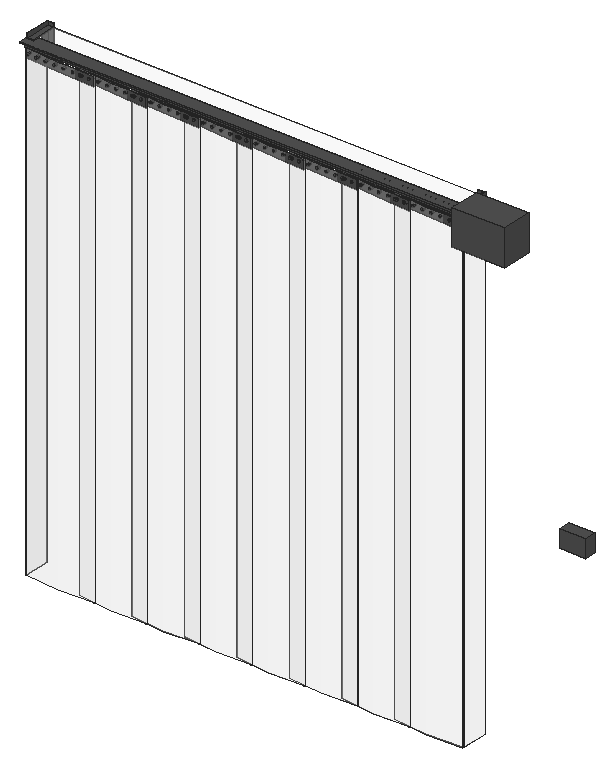
Revit family "Door_ClearStrip_SuperSeal_9000E", category Doors, host Wall, Revit 2011
Parameters (values of type "ByType")
  Wind Load = ""
  Water Penetration = ""
  Wall Offset [instance] = 0' - 6"
  Strip Height = Rough Height  # 9' - 0"
  Sound Transmission Class (STC) = 0
  RO Offset = 0' - 0"
  Panel Material = Fabric - Vinyl - Super Seal - Transparent
  Panel Height = 6' - 0"
  Manufacturer Phone = "800-337-3239 "
  Function = Interior
  Frame Thickness = 0' - 5"
  Frame Finish = Metal - Steel - Super Seal - Painted - Black
  Door Width = Rough Width + 0' 4"  # 8' - 4"
  Control Box Offset [instance] = 2' - 0"
  Control Box Height [instance] = 4' - 0"
  Building Code Conformance = ""
  Air Infiltration = ""
  ASTM Conformance = ""
  Panel Width = 2' - 0"
  Warranty Duration (Years) = 0
  URL = "http://www.supersealmfg.com/"
  Thickness = 0' - 0 1/4"
  Test Data = ""
  Specification = ""
  SpecWizard = ""
  Send Message = "http://www.arcat.com/users.pl?action=UserEmail&company=Super-Seal%20Mfg.%20Ltd&coid=44693&rep=119&fax=905-850-4440 &mf="
  Sales Information = "http://www.supersealmfg.com/ContactUs.htm"
  Rough Width = (Width + (RO Offset * 2))  # 8' - 0"
  Rough Height = (Height + (RO Offset))  # 9' - 0"
  R_Value = 0
  Product Properties = ""
  Product Data = "http://arcat.com/arcatcos/cos44/arc44693.html?isac=1&r=1"
  Manufacturer Website = "http://www.supersealmfg.com/"
  Manufacturer Phone - Toll Free = "800-337-3239 "
  Manufacturer Fax = "905-850-4440 "
  Manufacturer Address = "670 Rowntree Dairy Rd. Woodbridge , ON, Canada L4L-5T8"
  Maintenance Schedule (Months) = 0
  Installation-Fabrication = ""
  Installation Phase = ""
  Green Building-LEED = ""
  Model = "As Specified"
  Manufacturer = "Super-Seal Mfg. Ltd"
  Keynote = "08300"
  Height = 9' - 0"
  Wall Closure = By host
  Width = 8' - 0"
  Fire Rating = "As Specified"
  Expected Lifespan (Years) = 0
  Drawn By = "Sumex Design, Inc. / Robert S. Weygant, CSI, CDT, SCIP"
  Description = "Super Seal "
  Copyright = "©Arcat Inc."
  Construction Details = "http://arcat.com/details/supersea/supersea.html?coid=44693"
  Building Codes = ""
  Assembly Code = ""
  ADA Compliant = yes
  AAMA Designation = ""
Reference planes (in)
  plane 1 "Center (Front/Back)": y = -33.62839
  plane 2 "Center (Left/Right)": x = 64.28704
  plane 3: z = 0
  plane 4 "Right": x = 112.28704
  plane 5 "Left": x = 16.28704
  plane 6 "Closure": y = -36.62839
  plane 7: z = 0
  plane 8 "Top of Frame": z = 108
  plane 9 "RO Top": z = 108
  plane 10 "RO Right": x = 112.28704
  plane 11 "RO Left": x = 16.28704
  plane 12: x = 136.28704
  plane 13: z = 48
  plane 14: x = 14.28704
  plane 15: x = 114.28704
  plane 16: y = -42.62839
  plane 17: x = 126.28704
Forms (in)
  Extrusion 1, solid, material "Metal - Steel - Super Seal - Painted - Black" <- "Frame Finish"
    sketch origin (14.28704, -12, 122.82489) x (0, 0, 1) y (0, -1, 0)
      loop
        line (-12.82489, 31.00339) -> (-12.82489, 30.75339) -> (-14.32489, 30.75339) -> (-14.32489, 30.62839) -> (-12.94989, 30.62839) -> (-12.94989, 29.25339) -> (-12.68908, 29.25339) -> (-12.68908, 32.50339) -> (-12.94989, 32.50339) -> (-12.94989, 31.12839) -> (-14.32489, 31.12839) -> (-14.32489, 31.00339) -> (-12.82489, 31.00339)
    from 0 to 100
  Extrusion 2, solid, material "Metal - Steel - Super Seal - Painted - Black" <- "Frame Finish"
    sketch origin (-79.33485, -36.62839, 0) x (1, 0, 0) y (0, 0, 1)
      loop
        line (93.74689, 110.13581) -> (95.24689, 110.13581) -> (95.24689, 110.26081) -> (93.87189, 110.26081) -> (93.87189, 111.13581) -> (93.74689, 111.13581) -> (93.74689, 110.13581)
      loop
        line (193.49689, 110.13581) -> (193.49689, 111.13581) -> (193.37189, 111.13581) -> (193.37189, 110.26081) -> (191.99689, 110.26081) -> (191.99689, 110.13581) -> (193.49689, 110.13581)
    from 0.125 to 6
  Extrusion 3, solid, material "Metal - Steel - Super Seal - Painted - Black" <- "Frame Finish"
    sketch origin (128.27323, 12, 108) x (1, 0, 0) y (0, 1, 0)
      loop
        line (-113.98619, -48.62839) -> (-113.98619, -50.12839) -> (-113.86119, -50.12839) -> (-113.86119, -48.75339) -> (-112.48619, -48.75339) -> (-112.48619, -48.62839) -> (-113.98619, -48.62839)
      loop
        line (-13.98619, -48.62839) -> (-15.48619, -48.62839) -> (-15.48619, -48.75339) -> (-14.11119, -48.75339) -> (-14.11119, -50.12839) -> (-13.98619, -50.12839) -> (-13.98619, -48.62839)
    from -3 to 3
  Extrusion 4, solid, material "Metal - Steel - Super Seal - Painted - Black" <- "Frame Finish"
    sketch origin (3.09391, -42.62839, 48) x (-1, 0, 0) y (0, 0, 1)
      loop
        line (-111.19312, 64) -> (-123.19312, 64) -> (-123.19312, 56) -> (-111.19312, 56) -> (-111.19312, 64)
    from -3.5 to 3.5
  Extrusion 5, solid, material "Metal - Steel - Super Seal - Painted - Black" <- "Frame Finish"
    sketch origin (-79.33485, -36.62839, 0) x (1, 0, 0) y (0, 0, 1)
      loop
        line (212.62189, 50) -> (212.62189, 46) -> (218.62189, 46) -> (218.62189, 50) -> (212.62189, 50)
    from 0 to 2.625
  Extrusion 6, solid, material "Fabric - Vinyl - Super Seal - Transparent" <- "Panel Material"
    sketch origin (14.28704, -12, 122.82489) x (0, 0, 1) y (0, -1, 0)
      loop
        line (-12.81949, 29.25339) -> (-12.81949, 24.62839) -> (-12.68908, 24.62839) -> (-12.68908, 29.25339) -> (-12.81949, 29.25339)
    from 0 to 100
  Extrusion 7, solid, material "Fabric - Vinyl - Super Seal - Transparent" <- "Panel Material"
    sketch origin (0, 0, 0) x (1, 0, 0) y (0, 1, 0)
      loop
        line (14.28704, -36.62839) -> (14.16204, -36.62839) -> (14.16204, -42.62839) -> (14.28704, -42.62839) -> (14.28704, -36.62839)
      loop
        line (114.28704, -36.62839) -> (114.28704, -42.62839) -> (114.41204, -42.62839) -> (114.41204, -36.62839) -> (114.28704, -36.62839)
    from 0 to 108
Lines and regions (in)
  Opening 1
    outline origin (-109.33485, -36.62839, 0) x (1, 0, 0) y (0, 0, 1)
      loop
        line (125.62189, 0) -> (221.62189, 0) -> (221.62189, 108) -> (125.62189, 108) -> (125.62189, 0)
Text (in)
  text "Exterior" at (36.47868, -4.19089, 0), in view "A101 - Plan View"
  text "Interior" at (36.47868, -56.64559, 0), in view "A101 - Plan View"
  text "Exterior" at (0, -17.98638, 123.01588), in view "Right"
  text "Interior" at (0, -64.39139, 123.01588), in view "Right"
  text "Interior" at (0, -52.09468, 121.14095), in view "Left"
  text "Exterior" at (0, 26.35325, 123.00693), in view "Left"
Dimensions and locks (in)
  equal spacing: plane 4 "Right", plane 2 "Center (Left/Right)", plane 5 "Left"
  "Width": plane 5 "Left" to plane 4 "Right"
  "Height": level to plane 8 "Top of Frame"
  "RO Offset": plane 5 "Left" to plane 11 "RO Left"
  "RO Offset": plane 10 "RO Right" to plane 4 "Right"
  "RO Offset": plane 9 "RO Top" to plane 8 "Top of Frame"
  "Control Box Height": plane 13 to level
  "Control Box Offset": plane 4 "Right" to plane 12
  "Wall Offset": host wall to plane 16
  locked: plane 15 to plane 10 "RO Right" at 2
  locked: plane 11 "RO Left" to plane 14 at 2
  plane 17 to plane 15 = 1' - 0"
  aligned and locked: host wall to plane 1 "Center (Front/Back)"
  aligned and locked: host wall to plane 6 "Closure"
  aligned and locked: Opening 1 sketch curve to level
  aligned and locked: plane 10 "RO Right" to Opening 1 sketch curve
  aligned and locked: Opening 1 sketch curve to plane 9 "RO Top"
  aligned and locked: plane 11 "RO Left" to Opening 1 sketch curve
  aligned and locked: plane 2 "Center (Left/Right)" to nested 1
  aligned and locked: plane 15 to Extrusion 1
  aligned and locked: plane 16 to nested 1
  aligned and locked: Extrusion 2 to plane 16
  aligned and locked: plane 9 "RO Top" to Extrusion 7
Automatic sketch dimensions
  Extrusion 1 sketch curve to plane 16 = 0' - 0"
  Extrusion 1 sketch curve to plane 16 = 0' - 0 1/8"
  plane 8 "Top of Frame" to Extrusion 1 sketch curve = 0' - 0 1/2"
  Extrusion 1 sketch curve to Extrusion 1 sketch curve = 0' - 0"  (x2)
  plane 8 "Top of Frame" to Extrusion 1 sketch curve = 0' - 1 7/8"
  Extrusion 1 sketch curve to Extrusion 1 sketch curve = 0' - 0 1/8"  (x2)
  plane 16 to Extrusion 1 sketch curve = 0' - 1 3/8"
  Extrusion 1 sketch curve to Extrusion 1 sketch curve = 0' - 0 1/4"
  Extrusion 1 sketch curve to Extrusion 1 sketch curve = 0' - 1 3/8"
  plane 8 "Top of Frame" to Extrusion 2 sketch curve = 0' - 2.13581"  (x2)
  plane 14 to Extrusion 2 sketch curve = 0' - 0 1/8"
  Extrusion 2 sketch curve to Extrusion 2 sketch curve = 0' - 0 1/8"
  plane 5 "Left" to Extrusion 2 sketch curve = 0' - 0 3/8"
  Extrusion 2 sketch curve to plane 4 "Right" = 0' - 0 3/8"
  plane 8 "Top of Frame" to Extrusion 2 sketch curve = 0' - 2.26081"  (x2)
  Extrusion 2 sketch curve to plane 15 = 0' - 0 1/4"
  Extrusion 2 sketch curve to plane 15 = 0' - 0 1/8"
  Extrusion 2 sketch curve to Extrusion 2 sketch curve = 0' - 0 7/8"  (x2)
  Extrusion 3 sketch curve to host wall = 0' - 0"  (x2)
  Extrusion 3 sketch curve to plane 14 = 0' - 0"
  Extrusion 3 sketch curve to plane 15 = 0' - 0"
  plane 14 to Extrusion 3 sketch curve = 0' - 0 1/8"
  plane 5 "Left" to Extrusion 3 sketch curve = 0' - 0 1/2"
  Extrusion 3 sketch curve to plane 4 "Right" = 0' - 0 1/2"
  Extrusion 3 sketch curve to plane 15 = 0' - 0 1/8"
  host wall to Extrusion 3 sketch curve = 0' - 0 1/8"  (x2)
  Extrusion 3 sketch curve to Extrusion 3 sketch curve = 0' - 1 3/8"  (x2)
  plane 12 to Extrusion 5 sketch curve = 0' - 3"
  Extrusion 5 sketch curve to plane 13 = 0' - 2"
  Extrusion 5 sketch curve to Extrusion 5 sketch curve = 0' - 6"
  Extrusion 5 sketch curve to Extrusion 5 sketch curve = 0' - 4"
  Extrusion 1 sketch curve to Extrusion 1 sketch curve = 0' - 0.26081"
  Extrusion 6 sketch curve to host wall = 0' - 0"
  plane 8 "Top of Frame" to Extrusion 6 sketch curve = 0' - 2.00541"
  Extrusion 6 sketch curve to Extrusion 6 sketch curve = 0' - 0.13041"
  plane 16 to Extrusion 6 sketch curve = 0' - 1 3/8"
  Extrusion 4 sketch curve to plane 17 = 0' - 0"
  Extrusion 4 sketch curve to plane 15 = 0' - 0"
  Extrusion 4 sketch curve to plane 8 "Top of Frame" = 0' - 4"
  plane 8 "Top of Frame" to Extrusion 4 sketch curve = 0' - 4"
  Extrusion 7 sketch curve to host wall = 0' - 0"  (x2)
  Extrusion 7 sketch curve to plane 16 = 0' - 0"  (x2)
  Extrusion 7 sketch curve to plane 14 = 0' - 0"
  Extrusion 7 sketch curve to plane 15 = 0' - 0"
  Extrusion 7 sketch curve to plane 14 = 0' - 0 1/8"
  plane 15 to Extrusion 7 sketch curve = 0' - 0 1/8"
Nested families (in)
  nested 1: "Door_ClearStrip_16in" at (64.28704, -42.87839, 0), Material <- "Panel Material", Unit Width <- "Door Width", Unit Height <- "Strip Height", type "Door_ClearStrip_16in"
    with offset 0' - 0", Unit Width 8' - 4", Unit Height 9' - 0", Strips 8, Material Fabric - Vinyl - Super Seal - Transparent
Definition of nested family "Door_ClearStrip_16in"
  Parameters
    offset [instance] = 0' - 0"
    Warranty Duration (Years) = 0
    Unit Width [instance] = 3' - 1 1/2"
    Unit Height [instance] = 6' - 0"
    Unit Depth = 0' - 0 1/2"
    URL = "http://www.supersealmfg.com/"
    Strips [instance] = Unit Width / 1' 0"  # 3
    Specification = ""
    SpecWizard = ""
    Send Message = "http://www.arcat.com/users.pl?action=UserEmail&company=Super-Seal%20Mfg.%20Ltd&coid=44693&rep=119&fax=905-850-4440 &mf="
    Sales Information = "http://www.supersealmfg.com/ContactUs.htm"
    Revision = "R1_07-2011"
    Product Properties = ""
    Product Data = "http://arcat.com/arcatcos/cos44/arc44693.html?isac=1&r=1"
    Model = "As Specified"
    Material [instance] = none
    Manufacturer Website = "http://www.supersealmfg.com/"
    Manufacturer Phone - Toll Free = "800-337-3239 "
    Manufacturer Phone = "800-337-3239 "
    Manufacturer Fax = "905-850-4440 "
    Manufacturer Address = "670 Rowntree Dairy Rd. Woodbridge , ON, Canada L4L-5T8"
    Manufacturer = "Super-Seal Mfg. Ltd"
    Maintenance Schedule (Months) = 0
    Keynote = ""
    Installation-Fabrication = ""
    Installation Phase = ""
    Green Building-LEED = ""
    Expected Lifespan (Years) = 0
    Drawn By = "Sumex Design, Inc. / Robert S. Weygant, CSI, CDT, SCIP"
    Description = "Super Seal"
    Copyright = "©Arcat Inc."
    Construction Details = "http://arcat.com/details/supersea/supersea.html?coid=44693"
    Assembly Code = ""
  Reference planes (in)
    plane 1 "Center (Front/Back)": y = 0
    plane 2 "Bottom": z = 0
    plane 3 "Center (Left/Right)": x = 0
    plane 4 "Front": y = -0.25
    plane 5 "Back": y = 0.25
    plane 6 "Left": x = -18.75
    plane 7 "Right": x = 18.75
    plane 8 "Top": z = 72
  Dimensions and locks (in)
    equal spacing: plane 6 "Left", plane 3 "Center (Left/Right)", plane 7 "Right"
    "Unit Width": plane 6 "Left" to plane 7 "Right"
    equal spacing: plane 5 "Back", plane 1 "Center (Front/Back)", plane 4 "Front"
    "Unit Height": plane 8 "Top" to level
    "Unit Depth": plane 5 "Back" to plane 4 "Front"
    equal spacing: group 1, group 3, group 2  (x3)
    aligned and locked: plane 6 "Left" to nested 1
    aligned and locked: plane 7 "Right" to nested 2
    aligned and locked: plane 1 "Center (Front/Back)" to nested 2
    aligned and locked: plane 1 "Center (Front/Back)" to nested 1
  Nested families (in)
    nested 1: "Clear Strip_16in" at (-10.75, 0, 0), Material <- "Material", Unit Height <- "Unit Height", type "Clear Strip_16in"
      with offset 0' - 0", Unit Height 6' - 0", Material none
    nested 2: "Clear Strip_16in" at (10.75, 0, 0), Material <- "Material", Unit Height <- "Unit Height", type "Clear Strip_16in"
      with offset 0' - 0", Unit Height 6' - 0", Material none
    nested 3: "Clear Strip_16in" at (0, 0, 0), Material <- "Material", Unit Height <- "Unit Height", type "Clear Strip_16in"
      with offset 0' - 0", Unit Height 6' - 0", Material none
  Definition of nested family "Clear Strip_16in"
    Parameters
      offset [instance] = 0' - 0"
      Warranty Duration (Years) = 0
      Unit Width = 1' - 4"
      Unit Height [instance] = 6' - 0"
      Unit Depth = 0' - 1"
      URL = "http://www.supersealmfg.com/"
      Specification = ""
      SpecWizard = ""
      Send Message = "http://www.arcat.com/users.pl?action=UserEmail&company=Super-Seal%20Mfg.%20Ltd&coid=44693&rep=119&fax=905-850-4440 &mf="
      Sales Information = "http://www.supersealmfg.com/ContactUs.htm"
      Revision = "R1_07-2011"
      Product Properties = ""
      Product Data = "http://arcat.com/arcatcos/cos44/arc44693.html?isac=1&r=1"
      Model = "As Specified"
      Material [instance] = none
      Manufacturer Website = "http://www.supersealmfg.com/"
      Manufacturer Phone - Toll Free = "800-337-3239 "
      Manufacturer Phone = "800-337-3239 "
      Manufacturer Fax = "905-850-4440 "
      Manufacturer Address = "670 Rowntree Dairy Rd. Woodbridge , ON, Canada L4L-5T8"
      Manufacturer = "Super-Seal Mfg. Ltd"
      Maintenance Schedule (Months) = 0
      Keynote = ""
      Installation-Fabrication = ""
      Installation Phase = ""
      Green Building-LEED = ""
      Expected Lifespan (Years) = 0
      Drawn By = "Sumex Design, Inc. / Robert S. Weygant, CSI, CDT, SCIP"
      Description = "Super Seal"
      Copyright = "©Arcat Inc."
      Construction Details = "http://arcat.com/details/supersea/supersea.html?coid=44693"
      Assembly Code = ""
    Reference planes (in)
      plane 1 "Center (Front/Back)": y = 0
      plane 2 "Bottom": z = 0
      plane 3 "Center (Left/Right)": x = 0
      plane 4 "Front": y = -0.5
      plane 5 "Back": y = 0.5
      plane 6 "Left": x = -8
      plane 7 "Right": x = 8
      plane 8 "Top": z = 72
    Forms (in)
      Extrusion 1, solid, material <- "Material"
        sketch origin (0, 0, 0) x (1, 0, 0) y (0, 1, 0)
          loop
            line (-8, 0.5) -> (-8.01159, 0.43858)
            arc (-8.01159, 0.43858) -> (-0.02141, -0.43506) -> (8.00774, -0.06202) r 51.79725
            line (8.00774, -0.06202) -> (8, 0)
            arc (8, 0) -> (-0.01946, -0.37259) -> (-8, 0.5) r 51.73475
        from 0 to 72
      Extrusion 2, solid, material "Metal - Steel - Super Seal - Painted - Black", detail levels medium+fine
        sketch origin (0, 0, 0) x (1, 0, 0) y (0, 0, 1)
          loop
            circle (-7.25, 71.25) r 0.25
          loop
            circle (7.25, 71.25) r 0.25
          loop
            circle (-5.17857, 71.25) r 0.25
          loop
            circle (-3.10714, 71.25) r 0.25
          loop
            circle (-1.03571, 71.25) r 0.25
          loop
            circle (1.03571, 71.25) r 0.25
          loop
            circle (3.10714, 71.25) r 0.25
          loop
            circle (5.17857, 71.25) r 0.25
        from -0.5 to 0.5
      Extrusion 3, solid, material "Metal - Steel - Super Seal - Painted - Black", detail levels medium+fine
        sketch origin (-43.59721, -180, 72) x (-1, 0, 0) y (0, -1, 0)
          loop
            line (-35.60111, -180.56238) -> (-35.59331, -180.43762) -> (-51.59331, -179.43762) -> (-51.60111, -179.56238) -> (-35.60111, -180.56238)
        from 0 to -2
      Extrusion 4, solid, material "Metal - Steel - Super Seal - Painted - Black", detail levels medium+fine
        sketch origin (-43.59721, -180, 72) x (-1, 0, 0) y (0, -1, 0)
          loop
            circle (-43.59721, -180) r 0.125
        from 0 to 1
    Cuts and joins
      joined: Extrusion 2, Extrusion 3, Extrusion 4
    Dimensions and locks (in)
      equal spacing: plane 6 "Left", plane 3 "Center (Left/Right)", plane 7 "Right"
      "Unit Width": plane 6 "Left" to plane 7 "Right"
      equal spacing: plane 5 "Back", plane 1 "Center (Front/Back)", plane 4 "Front"
      "Unit Height": plane 8 "Top" to level
      "Unit Depth": plane 5 "Back" to plane 4 "Front"
      aligned and locked: plane 8 "Top" to Extrusion 1
      aligned and locked: plane 5 "Back" to Extrusion 2
      aligned and locked: Extrusion 2 to plane 4 "Front"
    Automatic sketch dimensions
      Extrusion 1 sketch curve to Extrusion 1 sketch curve = 0' - 0"  (x2)
      Extrusion 1 sketch curve to plane 5 "Back" = 0' - 0"
      Extrusion 1 sketch curve to plane 6 "Left" = 0' - 0"
      Extrusion 1 sketch curve to plane 7 "Right" = 0' - 0"
      Extrusion 1 sketch curve to plane 1 "Center (Front/Back)" = 0' - 0"
      Extrusion 1 sketch curve to plane 6 "Left" = 0' - 0.01159"
      plane 3 "Center (Left/Right)" to Extrusion 1 sketch curve = 0' - 1.59647"
      plane 7 "Right" to Extrusion 1 sketch curve = 0' - 0.00774"
      plane 1 "Center (Front/Back)" to Extrusion 1 sketch curve = 0' - 0.06202"
      Extrusion 2 sketch curve to plane 8 "Top" = 0' - 0 3/4"  (x8)
      Extrusion 2 sketch curve to Extrusion 2 sketch curve = 0' - 2.07143"  (x6)
      Extrusion 2 sketch curve to plane 3 "Center (Left/Right)" = 0' - 1.03571"
      plane 3 "Center (Left/Right)" to Extrusion 2 sketch curve = 0' - 1.03571"
      plane 7 "Right" to Extrusion 3 sketch curve = 0' - 0 1/256"
      Extrusion 3 sketch curve to plane 7 "Right" = 0' - 0 1/256"
      plane 6 "Left" to Extrusion 3 sketch curve = 0' - 0 1/256"
      plane 5 "Back" to Extrusion 3 sketch curve = 0' - 0.06238"
      Extrusion 3 sketch curve to Extrusion 3 sketch curve = 0' - 0.12476"
      Extrusion 4 sketch curve to plane 1 "Center (Front/Back)" = 0' - 0"
      Extrusion 4 sketch curve to plane 3 "Center (Left/Right)" = 0' - 0"
      radius of Extrusion 2 sketch curve = 0' - 0 1/4"  (x8)
      radius of Extrusion 4 sketch curve = 0' - 0 1/8"
